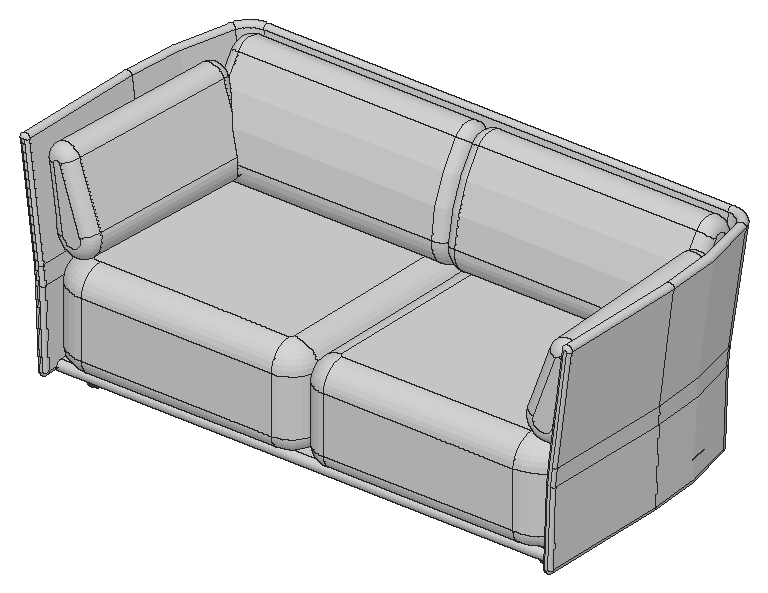
Revit family "NBS_Allermuir_OffcChrs_Obris_2SeatSofa", category Furniture, Revit 2018
Family settings
  Work Plane-Based = No
  Always vertical = Yes
  Cut with Voids When Loaded = No
  Shared = No
  Room Calculation Point = No
Parameters
  WarrantyStartDate [instance] = "1900-12-31T23:59:59"
  WarrantyGuarantorParts = "sales@allermuir.com"
  WarrantyGuarantorLabor = "n/a"
  WarrantyDurationUnit = "year"
  WarrantyDurationParts = "5"
  WarrantyDurationLabor = "n/a"
  WarrantyDescription = "Allermuir warrant that its manufactured products are free from manufacturing defects - in materials or workmanship - for a period of five (5) years. , Allermuir will repair, or replace (at Allermuir's sole discretion) with comparable free of charge materials / components, any product / component which fails under normal use in a single shift environment, as a result of a defect in the materials and/ or workmanship"
  Version = "1"  # constant formula
  Uniclass2015Version = "Products v1.15"
  Uniclass2015Title = "Sofas"
  Uniclass2015Code = "Pr_40_50_12_81"
  TagNumber [instance] = "n/a"
  SustainabilityPerformance = "99% recyclable"
  Style = "Sofa"
  Status = "UNSET"
  Size = "900 x 770 x 1900 mm"
  Shape = "n/a"
  SerialNumber [instance] = "n/a"
  SeatWidth = "1690 mm"
  SeatHeight = "415 mm"
  SeatDepth = "800 mm"
  Revision = "n/a"
  ReplacementCost = "n/a"
  Reference = "n/a"
  ProductInformation = "https://www.allermuir.com/products/sofas/obris"
  NominalWidth = 1900 mm
  NominalLength = 0 mm
  NominalHeight = 770 mm
  NominalDepth = 900 mm
  Name = "DomesticChairs_OBR02_Obris_Allermuir"
  NBSReference = "45-35-20/365"
  NBSDescription = "Domestic Chairs"
  NBSCertification = "www.nationalbimlibrary.com/cert/sfpj1txk"
  ModelReference = "Obris"
  ModelNumber = "OBR02"
  Material = "Fabric, Nylon 6, PU foam, Plywood, Aluminium Casting, Aluminium Extrusion, Steel"
  ManufacturerURL = "www.allermuir.co.uk"
  ManufacturerName = "Allermuir"  # constant formula
  Manufacturer = "sales@allermuir.com"
  MainColor = "n/a"
  IsBuiltIn = no
  InstallationDate [instance] = "1900-12-31T23:59:59"
  IfcExportType = "SOFA"  # constant formula
  IfcExportAs = "IfcFurnitureType"  # constant formula
  Grade = "n/a"
  Finish = "Fabric"
  FeetMaterial = NBS_Allermuir_Beech_Black
  SeatMaterial = NBS_Allermuir_Fabric
  Features = "Tubular Steel back frame with foam overmould and tensioned fabric, Tradtional carcass seat with dual density seat foam, Foam core with feather and down back and arm cushions, Solid Beech feet with a Black colour wash finish, Reversable plastic/felt glides"
  ExpectedLife = "10"
  DurationUnit = "year"
  Description = "Two seat sofa"
  Constituents = "n/a"
  Color = "n/a"
  CodePerformance = "n/a"
  Category = "Pr_40_50_12_81:Sofas"
  BarCode [instance] = "n/a"
  BIMObjectName = "NBS_Allermuir_DomesticChairs_Obris_OBR02"
  Author = "NBS"  # constant formula
  AssetType = "Movable"
  AssetIdentifier [instance] = "n/a"
  ArmHeight = "770 mm"
  AccessibilityPerformance = "n/a"
Reference planes
  plane 1 "Center (Front/Back)": y = 0
  plane 2: z = 0
  plane 3 "Center (Left/Right)": x = 0
  plane 4 "Left": x = -950
  plane 5 "Right": x = 950
  plane 6 "Back": y = 450
  plane 7 "Front": y = -450
  plane 8 "Top": z = 770
  plane 9 "SeatHeight": z = 415
Forms (mm)
  Sweep 1, solid, material "NBS_Allermuir_Fabric" <- "SeatMaterial", detail levels medium+fine
    path origin (0, 0, 0) x (1, 0, 0) y (0, 1, 0)
      loop
        line (-950, -450) -> (-950, 0)
        arc (-950, 0) -> (-935.279, 193.9) -> (-891.455, 383.355) r 1284.379
        arc (-891.455, 383.355) -> (-857.049, 431.547) -> (-800.785, 450) r 95
        line (-800.785, 450) -> (800.785, 450)
        arc (800.785, 450) -> (857.049, 431.547) -> (891.455, 383.355) r 95
        arc (891.455, 383.355) -> (935.279, 193.9) -> (950, 0) r 1284.379
        line (950, 0) -> (950, -450)
    profile origin (0, 450, 0) x (0, 1, 0) y (0, 0, 1)
      loop
        line (-64.058, 57.421) -> (-53.99, 318.134)
        arc (-53.99, 318.134) -> (-52.12, 348.542) -> (-48.865, 378.832) r 667.818
        line (-48.865, 378.832) -> (-0.126, 752.085)
        arc (-0.126, 752.085) -> (-13.058, 768.901) -> (-29.874, 755.969) r 15
        line (-29.874, 755.969) -> (-78.613, 382.716)
        arc (-78.613, 382.716) -> (-82.014, 351.065) -> (-83.967, 319.292) r 697.818
        line (-83.967, 319.292) -> (-94.036, 58.579)
        arc (-94.036, 58.579) -> (-79.626, 43.011) -> (-64.058, 57.421) r 15
  Extrusion 2, solid, material "NBS_Allermuir_Fabric" <- "SeatMaterial", detail levels medium+fine
    sketch origin (0, 0, 0) x (1, 0, 0) y (0, 1, 0)
      loop
        line (-871, -405.887) -> (871, -405.887) -> (871, 0)
        arc (871, 0) -> (857.185, 181.973) -> (816.056, 359.776) r 1205.379
        arc (816.056, 359.776) -> (810.261, 367.892) -> (800.785, 371) r 16
        line (800.785, 371) -> (-800.785, 371)
        arc (-800.785, 371) -> (-810.261, 367.892) -> (-816.056, 359.776) r 16
        arc (-816.056, 359.776) -> (-857.185, 181.973) -> (-871, 0) r 1205.379
        line (-871, 0) -> (-871, -405.887)
    from 43 to 76
  Extrusion 3, void
    sketch origin (0, 0, 0) x (0, 1, 0) y (0, 0, 1)
      loop
        line (-389.387, 76) -> (-406.387, 76) -> (-406.387, 43) -> (-389.387, 43)
        arc (-389.387, 43) -> (-405.887, 59.5) -> (-389.387, 76) r 16.5
    from -950 to 950
  Sweep 4, void
    path in 3D
      loop
        arc (-866.033, -450, 319.292) -> (-867.986, -450, 351.065) -> (-871.387, -450, 382.716) r 697.818
        line (-871.387, -450, 382.716) -> (-920.126, -450, 755.969)
        arc (-920.126, -450, 755.969) -> (-936.942, -450, 768.901) -> (-949.874, -450, 752.085) r 15
        line (-949.874, -450, 752.085) -> (-901.135, -450, 378.832)
        arc (-901.135, -450, 378.832) -> (-897.88, -450, 348.542) -> (-896.01, -450, 318.134) r 667.818
        line (-896.01, -450, 318.134) -> (-885.942, -450, 57.421)
        arc (-885.942, -450, 57.421) -> (-870.374, -450, 43.011) -> (-855.964, -450, 58.579) r 15
        line (-855.964, -450, 58.579) -> (-866.033, -450, 319.292)
    profile origin (-860.998, -450, 188.935) x (-0.999255, 0, -0.038591) y (0, -1, 0)
      loop
        line (10, 0) -> (10, 2.791) -> (-2.73, 2.791) -> (-2.73, -10) -> (0, -10)
        arc (0, -10) -> (2.929, -2.929) -> (10, 0) r 10
  Sweep 5, void
    path in 3D
      loop
        arc (866.033, -450, 319.292) -> (867.986, -450, 351.065) -> (871.387, -450, 382.716) r 697.818
        line (871.387, -450, 382.716) -> (920.126, -450, 755.969)
        arc (920.126, -450, 755.969) -> (936.942, -450, 768.901) -> (949.874, -450, 752.085) r 15
        line (949.874, -450, 752.085) -> (901.135, -450, 378.832)
        arc (901.135, -450, 378.832) -> (897.88, -450, 348.542) -> (896.01, -450, 318.134) r 667.818
        line (896.01, -450, 318.134) -> (885.942, -450, 57.421)
        arc (885.942, -450, 57.421) -> (870.374, -450, 43.011) -> (855.964, -450, 58.579) r 15
        line (855.964, -450, 58.579) -> (866.033, -450, 319.292)
    profile origin (860.998, -450, 188.935) x (-0.999255, 0, 0.038591) y (0, -1, 0)
      loop
        arc (-10, 0) -> (-2.929, -2.929) -> (0, -10) r 10
        line (0, -10) -> (2.73, -10) -> (2.73, 2.791) -> (-10, 2.791) -> (-10, 0)
  Extrusion 6, solid, material "NBS_Allermuir_Fabric" <- "SeatMaterial", detail levels medium+fine
    sketch origin (0, 0, 0) x (1, 0, 0) y (0, 1, 0)
      loop
        line (-874, 0) -> (-874, -305.733)
        arc (-874, -305.733) -> (-835.924, -397.657) -> (-744, -435.733) r 130
        line (-744, -435.733) -> (-90, -435.733)
        arc (-90, -435.733) -> (-26.36, -409.373) -> (0, -345.733) r 90
        line (0, -345.733) -> (0, 284)
        arc (0, 284) -> (-26.36, 347.64) -> (-90, 374) r 90
        line (-90, 374) -> (-716.033, 374)
        arc (-716.033, 374) -> (-796.891, 345.794) -> (-842.661, 273.415) r 130
        arc (-842.661, 273.415) -> (-866.14, 137.602) -> (-874, 0) r 1208.379
    from 76 to 400
  Extrusion 7, solid, material "NBS_Allermuir_Fabric" <- "SeatMaterial", detail levels medium+fine
    sketch origin (-915.642, -388.05, 1200) x (-0.99863, 0.052336, 0) y (0, 0, 1)
      loop
        line (-96.985, -505.525) -> (-171.232, -709.517)
        arc (-171.232, -709.517) -> (-121.252, -803.939) -> (-32.351, -744.693) r 72
        line (-32.351, -744.693) -> (-0.54, -529.953)
        arc (-0.54, -529.953) -> (-37.723, -474.157) -> (-96.985, -505.525) r 50
    from 0 to 662.776
  Sweep 8, void
    path in 3D
      loop
        arc (-883.336, -389.743, 455.307) -> (-794.557, -394.396, 396.061) -> (-744.645, -397.012, 490.483) r 72
        line (-744.645, -397.012, 490.483) -> (-818.791, -393.126, 694.475)
        arc (-818.791, -393.126, 694.475) -> (-877.971, -390.024, 725.843) -> (-915.103, -388.078, 670.047) r 50
        line (-915.103, -388.078, 670.047) -> (-883.336, -389.743, 455.307)
    profile origin (-899.219, -388.911, 562.677) x (0.987849, -0.051771, 0.146539) y (-0.052336, -0.99863, 0)
      loop
        line (0, 0) -> (0, -40)
        arc (0, -40) -> (11.716, -11.716) -> (40, 0) r 40
        line (40, 0) -> (0, 0)
  Sweep 9, void
    path in 3D
      loop
        arc (-880.416, 273.79, 670.047) -> (-843.284, 271.843, 725.843) -> (-784.104, 268.742, 694.475) r 50
        line (-784.104, 268.742, 694.475) -> (-709.958, 264.856, 490.483)
        arc (-709.958, 264.856, 490.483) -> (-759.869, 267.472, 396.061) -> (-848.649, 272.125, 455.307) r 72
        line (-848.649, 272.125, 455.307) -> (-880.416, 273.79, 670.047)
    profile origin (-864.532, 272.957, 562.677) x (0.987849, -0.051771, 0.146539) y (0.052336, 0.99863, 0)
      loop
        line (0, 0) -> (0, -40)
        arc (0, -40) -> (11.716, -11.716) -> (40, 0) r 40
        line (40, 0) -> (0, 0)
  Extrusion 10, solid, material "NBS_Allermuir_Fabric" <- "SeatMaterial", detail levels medium+fine
    sketch origin (915.642, -388.05, 1200) x (0.99863, 0.052336, 0) y (0, 0, -1)
      loop
        arc (-96.985, 505.525) -> (-37.723, 474.157) -> (-0.54, 529.953) r 50
        line (-0.54, 529.953) -> (-32.351, 744.693)
        arc (-32.351, 744.693) -> (-121.252, 803.939) -> (-171.232, 709.517) r 72
        line (-171.232, 709.517) -> (-96.985, 505.525)
    from 0 to 662.776
  Extrusion 11, solid, material "NBS_Allermuir_Fabric" <- "SeatMaterial", detail levels medium+fine
    sketch origin (0, 0, 0) x (0, 1, 0) y (0, 0, 1)
      loop
        line (380.558, 452.952) -> (412.747, 699.456)
        arc (412.747, 699.456) -> (373.332, 767.857) -> (296.984, 747.776) r 65
        arc (296.984, 747.776) -> (223.693, 617.632) -> (191.581, 471.762) r 506.094
        arc (191.581, 471.762) -> (276.949, 370.72) -> (380.558, 452.952) r 95
    from 0 to 830
  Sweep 12, void
    path in 3D
      loop
        arc (830, 412.747, 699.456) -> (830, 373.332, 767.857) -> (830, 296.984, 747.776) r 65
        arc (830, 296.984, 747.776) -> (830, 223.693, 617.632) -> (830, 191.581, 471.762) r 506.094
        arc (830, 191.581, 471.762) -> (830, 276.949, 370.72) -> (830, 380.558, 452.952) r 95
        line (830, 380.558, 452.952) -> (830, 412.747, 699.456)
    profile origin (830, 396.653, 576.204) x (0, -0.991582, 0.12948) y (1, 0, 0)
      loop
        line (0, 0) -> (0, -40)
        arc (0, -40) -> (11.716, -11.716) -> (40, 0) r 40
        line (40, 0) -> (0, 0)
  Sweep 13, void
    path in 3D
      loop
        arc (0, 412.747, 699.456) -> (0, 373.332, 767.857) -> (0, 296.984, 747.776) r 65
        arc (0, 296.984, 747.776) -> (0, 223.693, 617.632) -> (0, 191.581, 471.762) r 506.094
        arc (0, 191.581, 471.762) -> (0, 276.949, 370.72) -> (0, 380.558, 452.952) r 95
        line (0, 380.558, 452.952) -> (0, 412.747, 699.456)
    profile origin (0, 396.653, 576.204) x (0, 0.991582, -0.12948) y (-1, 0, 0)
      loop
        line (0, 0) -> (-40, 0)
        arc (-40, 0) -> (-11.716, -11.716) -> (0, -40) r 40
        line (0, -40) -> (0, 0)
  Extrusion 14, solid, material "NBS_Allermuir_Beech_Black" <- "FeetMaterial", detail levels medium+fine
    sketch origin (0, 0, 0) x (1, 0, 0) y (0, 1, 0)
      loop
        circle (-780.124, -320.257) r 28.313
      loop
        circle (780.124, -320.257) r 28.313
      loop
        circle (-780.124, 285.257) r 28.313
      loop
        circle (780.124, 285.257) r 28.313
    from 0 to 43
  Extrusion 15, solid, material "NBS_Allermuir_Fabric" <- "SeatMaterial", detail levels coarse
    sketch origin (0, 0, 0) x (1, 0, 0) y (0, 1, 0)
      loop
        line (-950, 450) -> (-950, -450) -> (950, -450) -> (950, 450) -> (-950, 450)
    from 0 to 770
  Extrusion 16, void
    sketch origin (0, 0, 0) x (1, 0, 0) y (0, 1, 0)
      loop
        line (-750, 220) -> (-750, -450) -> (750, -450) -> (750, 220) -> (-750, 220)
    from 415 to 770
  Sweep 17, void
    path in 3D
      loop
        arc (880.416, 273.79, 670.047) -> (843.284, 271.843, 725.843) -> (784.104, 268.742, 694.475) r 50
        line (784.104, 268.742, 694.475) -> (709.958, 264.856, 490.483)
        arc (709.958, 264.856, 490.483) -> (759.869, 267.472, 396.061) -> (848.649, 272.125, 455.307) r 72
        line (848.649, 272.125, 455.307) -> (880.416, 273.79, 670.047)
    profile origin (864.532, 272.957, 562.677) x (0.987849, 0.051771, -0.146539) y (-0.052336, 0.99863, 0)
      loop
        line (0, 0) -> (-40, 0)
        arc (-40, 0) -> (-11.716, -11.716) -> (0, -40) r 40
        line (0, -40) -> (0, 0)
  Sweep 18, void
    path in 3D
      loop
        arc (883.336, -389.743, 455.307) -> (794.557, -394.396, 396.061) -> (744.645, -397.012, 490.483) r 72
        line (744.645, -397.012, 490.483) -> (818.791, -393.126, 694.475)
        arc (818.791, -393.126, 694.475) -> (877.971, -390.024, 725.843) -> (915.103, -388.078, 670.047) r 50
        line (915.103, -388.078, 670.047) -> (883.336, -389.743, 455.307)
    profile origin (899.219, -388.911, 562.677) x (0.987849, 0.051771, -0.146539) y (0.052336, -0.99863, 0)
      loop
        line (0, 0) -> (-40, 0)
        arc (-40, 0) -> (-11.716, -11.716) -> (0, -40) r 40
        line (0, -40) -> (0, 0)
  Extrusion 19, solid, material "NBS_Allermuir_Fabric" <- "SeatMaterial", detail levels medium+fine
    sketch origin (0, 0, 0) x (-1, 0, 0) y (0, -1, 0)
      loop
        arc (-874, 0) -> (-866.14, -137.602) -> (-842.661, -273.415) r 1208.379
        arc (-842.661, -273.415) -> (-796.891, -345.794) -> (-716.033, -374) r 130
        line (-716.033, -374) -> (-90, -374)
        arc (-90, -374) -> (-26.36, -347.64) -> (0, -284) r 90
        line (0, -284) -> (0, 345.733)
        arc (0, 345.733) -> (-26.36, 409.373) -> (-90, 435.733) r 90
        line (-90, 435.733) -> (-744, 435.733)
        arc (-744, 435.733) -> (-835.924, 397.657) -> (-874, 305.733) r 130
        line (-874, 305.733) -> (-874, 0)
    from 76 to 400
  Extrusion 20, solid, material "NBS_Allermuir_Fabric" <- "SeatMaterial", detail levels medium+fine
    sketch origin (0, 0, 0) x (0, 1, 0) y (0, 0, -1)
      loop
        arc (380.558, -452.952) -> (276.949, -370.72) -> (191.581, -471.762) r 95
        arc (191.581, -471.762) -> (223.693, -617.632) -> (296.984, -747.776) r 506.094
        arc (296.984, -747.776) -> (373.332, -767.857) -> (412.747, -699.456) r 65
        line (412.747, -699.456) -> (380.558, -452.952)
    from 0 to 830
  Sweep 21, void
    path in 3D
      loop
        arc (0, 412.747, 699.456) -> (0, 373.332, 767.857) -> (0, 296.984, 747.776) r 65
        arc (0, 296.984, 747.776) -> (0, 223.693, 617.632) -> (0, 191.581, 471.762) r 506.094
        arc (0, 191.581, 471.762) -> (0, 276.949, 370.72) -> (0, 380.558, 452.952) r 95
        line (0, 380.558, 452.952) -> (0, 412.747, 699.456)
    profile origin (0, 396.653, 576.204) x (0, -0.991582, 0.12948) y (1, 0, 0)
      loop
        line (0, 0) -> (0, -40)
        arc (0, -40) -> (11.716, -11.716) -> (40, 0) r 40
        line (40, 0) -> (0, 0)
  Sweep 22, void
    path in 3D
      loop
        arc (-830, 412.747, 699.456) -> (-830, 373.332, 767.857) -> (-830, 296.984, 747.776) r 65
        arc (-830, 296.984, 747.776) -> (-830, 223.693, 617.632) -> (-830, 191.581, 471.762) r 506.094
        arc (-830, 191.581, 471.762) -> (-830, 276.949, 370.72) -> (-830, 380.558, 452.952) r 95
        line (-830, 380.558, 452.952) -> (-830, 412.747, 699.456)
    profile origin (-830, 396.653, 576.204) x (0, 0.991582, -0.12948) y (-1, 0, 0)
      loop
        line (0, 0) -> (-40, 0)
        arc (-40, 0) -> (-11.716, -11.716) -> (0, -40) r 40
        line (0, -40) -> (0, 0)
  Sweep 23, void
    path in 3D
      loop
        arc (-90, -435.733, 400) -> (-26.36, -409.373, 400) -> (0, -345.733, 400) r 90
        line (0, -345.733, 400) -> (0, 284, 400)
        arc (0, 284, 400) -> (-26.36, 347.64, 400) -> (-90, 374, 400) r 90
        line (-90, 374, 400) -> (-716.033, 374, 400)
        arc (-716.033, 374, 400) -> (-796.891, 345.794, 400) -> (-842.661, 273.415, 400) r 130
        arc (-842.661, 273.415, 400) -> (-866.14, 137.602, 400) -> (-874, 0, 400) r 1208.379
        line (-874, 0, 400) -> (-874, -305.733, 400)
        arc (-874, -305.733, 400) -> (-835.924, -397.657, 400) -> (-744, -435.733, 400) r 130
        line (-744, -435.733, 400) -> (-90, -435.733, 400)
    profile origin (-417, -435.733, 400) x (0, 1, 0) y (0, 0, 1)
      loop
        line (0, 0) -> (0, -80)
        arc (0, -80) -> (23.431, -23.431) -> (80, 0) r 80
        line (80, 0) -> (0, 0)
      loop
        line (0, -324) -> (50, -324)
        arc (50, -324) -> (14.645, -309.355) -> (0, -274) r 50
        line (0, -274) -> (0, -324)
  Sweep 24, void
    path in 3D
      loop
        arc (90, -435.733, 400) -> (26.36, -409.373, 400) -> (0, -345.733, 400) r 90
        line (0, -345.733, 400) -> (0, 284, 400)
        arc (0, 284, 400) -> (26.36, 347.64, 400) -> (90, 374, 400) r 90
        line (90, 374, 400) -> (716.033, 374, 400)
        arc (716.033, 374, 400) -> (796.891, 345.794, 400) -> (842.661, 273.415, 400) r 130
        arc (842.661, 273.415, 400) -> (866.14, 137.602, 400) -> (874, 0, 400) r 1208.379
        line (874, 0, 400) -> (874, -305.733, 400)
        arc (874, -305.733, 400) -> (835.924, -397.657, 400) -> (744, -435.733, 400) r 130
        line (744, -435.733, 400) -> (90, -435.733, 400)
    profile origin (417, -435.733, 400) x (0, -1, 0) y (0, 0, 1)
      loop
        line (0, 0) -> (-80, 0)
        arc (-80, 0) -> (-23.431, -23.431) -> (0, -80) r 80
        line (0, -80) -> (0, 0)
      loop
        line (0, -324) -> (0, -274)
        arc (0, -274) -> (-14.645, -309.355) -> (-50, -324) r 50
        line (-50, -324) -> (0, -324)
Cuts and joins
  Extrusion 3 cuts Extrusion 2
  Sweep 4, Sweep 5 cuts Sweep 1
  Sweep 8, Sweep 9, Sweep 17, Sweep 18 cuts Extrusion 7
  Sweep 12, Sweep 13 cuts Extrusion 11
  Extrusion 16 cuts Extrusion 15
  Sweep 17, Sweep 18, Sweep 22 cuts Extrusion 10
  Sweep 22, Sweep 24 cuts Extrusion 19
  Sweep 21, Sweep 22 cuts Extrusion 20
  Sweep 23 cuts Extrusion 6
Lines and regions (mm)
  sketch lines
    curve 1: line (-855.964, -450, 58.579) -> (-866.033, -450, 319.292)
    curve 2: arc (-871.387, -450, 382.716) -> (-867.986, -450, 351.065) -> (-866.033, -450, 319.292) r 697.818
    curve 3: line (-871.387, -450, 382.716) -> (-920.126, -450, 755.969)
    curve 4: line (-896.01, -450, 318.134) -> (-885.942, -450, 57.421)
    curve 5: arc (-855.964, -450, 58.579) -> (-870.374, -450, 43.011) -> (-885.942, -450, 57.421) r 15
    curve 6: arc (-896.01, -450, 318.134) -> (-897.88, -450, 348.542) -> (-901.135, -450, 378.832) r 667.818
    curve 7: line (-949.874, -450, 752.085) -> (-901.135, -450, 378.832)
    curve 8: arc (-949.874, -450, 752.085) -> (-936.942, -450, 768.901) -> (-920.126, -450, 755.969) r 15
    curve 9: line (855.964, -450, 58.579) -> (866.033, -450, 319.292)
    curve 10: arc (871.387, -450, 382.716) -> (867.986, -450, 351.065) -> (866.033, -450, 319.292) r 697.818
    curve 11: line (871.387, -450, 382.716) -> (920.126, -450, 755.969)
    curve 12: line (896.01, -450, 318.134) -> (885.942, -450, 57.421)
    curve 13: arc (855.964, -450, 58.579) -> (870.374, -450, 43.011) -> (885.942, -450, 57.421) r 15
    curve 14: arc (896.01, -450, 318.134) -> (897.88, -450, 348.542) -> (901.135, -450, 378.832) r 667.818
    curve 15: line (949.874, -450, 752.085) -> (901.135, -450, 378.832)
    curve 16: arc (949.874, -450, 752.085) -> (936.942, -450, 768.901) -> (920.126, -450, 755.969) r 15
    curve 17: line (-915.103, -388.078, 670.047) -> (-883.336, -389.743, 455.307)
    curve 18: arc (-915.103, -388.078, 670.047) -> (-877.971, -390.024, 725.843) -> (-818.791, -393.126, 694.475) r 50
    curve 19: line (-744.645, -397.012, 490.483) -> (-818.791, -393.126, 694.475)
    curve 20: arc (-744.645, -397.012, 490.483) -> (-794.557, -394.396, 396.061) -> (-883.336, -389.743, 455.307) r 72
    curve 21: line (-848.649, 272.125, 455.307) -> (-880.416, 273.79, 670.047)
    curve 22: arc (-784.104, 268.742, 694.475) -> (-843.284, 271.843, 725.843) -> (-880.416, 273.79, 670.047) r 50
    curve 23: line (-784.104, 268.742, 694.475) -> (-709.958, 264.856, 490.483)
    curve 24: arc (-848.649, 272.125, 455.307) -> (-759.869, 267.472, 396.061) -> (-709.958, 264.856, 490.483) r 72
    curve 25: line (830, 380.558, 452.952) -> (830, 412.747, 699.456)
    curve 26: arc (830, 296.984, 747.776) -> (830, 373.332, 767.857) -> (830, 412.747, 699.456) r 65
    curve 27: arc (830, 191.581, 471.762) -> (830, 223.693, 617.632) -> (830, 296.984, 747.776) r 506.094
    curve 28: arc (830, 380.558, 452.952) -> (830, 276.949, 370.72) -> (830, 191.581, 471.762) r 95
    curve 29: line (0, 380.558, 452.952) -> (0, 412.747, 699.456)
    curve 30: arc (0, 296.984, 747.776) -> (0, 373.332, 767.857) -> (0, 412.747, 699.456) r 65
    curve 31: arc (0, 191.581, 471.762) -> (0, 223.693, 617.632) -> (0, 296.984, 747.776) r 506.094
    curve 32: arc (0, 380.558, 452.952) -> (0, 276.949, 370.72) -> (0, 191.581, 471.762) r 95
    curve 33: line (848.649, 272.125, 455.307) -> (880.416, 273.79, 670.047)
    curve 34: arc (784.104, 268.742, 694.475) -> (843.284, 271.843, 725.843) -> (880.416, 273.79, 670.047) r 50
    curve 35: line (784.104, 268.742, 694.475) -> (709.958, 264.856, 490.483)
    curve 36: arc (848.649, 272.125, 455.307) -> (759.869, 267.472, 396.061) -> (709.958, 264.856, 490.483) r 72
    curve 37: line (915.103, -388.078, 670.047) -> (883.336, -389.743, 455.307)
    curve 38: arc (915.103, -388.078, 670.047) -> (877.971, -390.024, 725.843) -> (818.791, -393.126, 694.475) r 50
    curve 39: line (744.645, -397.012, 490.483) -> (818.791, -393.126, 694.475)
    curve 40: arc (744.645, -397.012, 490.483) -> (794.557, -394.396, 396.061) -> (883.336, -389.743, 455.307) r 72
    curve 41: line (0, 380.558, 452.952) -> (0, 412.747, 699.456)
    curve 42: arc (0, 296.984, 747.776) -> (0, 373.332, 767.857) -> (0, 412.747, 699.456) r 65
    curve 43: arc (0, 191.581, 471.762) -> (0, 223.693, 617.632) -> (0, 296.984, 747.776) r 506.094
    curve 44: arc (0, 380.558, 452.952) -> (0, 276.949, 370.72) -> (0, 191.581, 471.762) r 95
    curve 45: line (-830, 380.558, 452.952) -> (-830, 412.747, 699.456)
    curve 46: arc (-830, 296.984, 747.776) -> (-830, 373.332, 767.857) -> (-830, 412.747, 699.456) r 65
    curve 47: arc (-830, 191.581, 471.762) -> (-830, 223.693, 617.632) -> (-830, 296.984, 747.776) r 506.094
    curve 48: arc (-830, 380.558, 452.952) -> (-830, 276.949, 370.72) -> (-830, 191.581, 471.762) r 95
    curve 49: line (-744, -435.733, 400) -> (-90, -435.733, 400)
    curve 50: arc (0, -345.733, 400) -> (-26.36, -409.373, 400) -> (-90, -435.733, 400) r 90
    curve 51: line (0, -345.733, 400) -> (0, 284, 400)
    curve 52: arc (-90, 374, 400) -> (-26.36, 347.64, 400) -> (0, 284, 400) r 90
    curve 53: line (-90, 374, 400) -> (-716.033, 374, 400)
    curve 54: arc (-842.661, 273.415, 400) -> (-796.891, 345.794, 400) -> (-716.033, 374, 400) r 130
    curve 55: arc (-874, 0, 400) -> (-866.14, 137.602, 400) -> (-842.661, 273.415, 400) r 1208.379
    curve 56: line (-874, 0, 400) -> (-874, -305.733, 400)
    curve 57: arc (-744, -435.733, 400) -> (-835.924, -397.657, 400) -> (-874, -305.733, 400) r 130
    curve 58: line (744, -435.733, 400) -> (90, -435.733, 400)
    curve 59: arc (0, -345.733, 400) -> (26.36, -409.373, 400) -> (90, -435.733, 400) r 90
    curve 60: line (0, -345.733, 400) -> (0, 284, 400)
    curve 61: arc (90, 374, 400) -> (26.36, 347.64, 400) -> (0, 284, 400) r 90
    curve 62: line (90, 374, 400) -> (716.033, 374, 400)
    curve 63: arc (842.661, 273.415, 400) -> (796.891, 345.794, 400) -> (716.033, 374, 400) r 130
    curve 64: arc (874, 0, 400) -> (866.14, 137.602, 400) -> (842.661, 273.415, 400) r 1208.379
    curve 65: line (874, 0, 400) -> (874, -305.733, 400)
    curve 66: arc (744, -435.733, 400) -> (835.924, -397.657, 400) -> (874, -305.733, 400) r 130
Dimensions and locks
  aligned and locked: level to plane 2
  aligned and locked: Extrusion 3 to plane 5 "Right"
  aligned and locked: Extrusion 3 to plane 4 "Left"
  aligned and locked: Sweep 1 sketch curve to plane 6 "Back"
  aligned and locked: Extrusion 15 sketch curve to plane 6 "Back"
  aligned and locked: Extrusion 15 sketch curve to plane 4 "Left"
  aligned and locked: plane 5 "Right" to Extrusion 15 sketch curve
  aligned and locked: plane 7 "Front" to Extrusion 15 sketch curve
  aligned and locked: plane 8 "Top" to Extrusion 15
  aligned and locked: plane 7 "Front" to Extrusion 16 sketch curve
  aligned and locked: Extrusion 16 to Extrusion 15
  aligned and locked: Extrusion 16 to plane 9 "SeatHeight"
  aligned and locked: profile plane to Sweep 23 sketch curve  (x2)
  aligned and locked: profile plane to Sweep 24 sketch curve  (x2)
Automatic sketch dimensions
  Sweep 1 sketch curve to plane 4 "Left" = 0 mm
  plane 1 "Center (Front/Back)" to Sweep 1 sketch curve = 0 mm  (x2)
  Sweep 1 sketch curve to plane 5 "Right" = 0 mm
  plane 7 "Front" to Sweep 1 sketch curve = 0 mm  (x2)
  plane 4 "Left" to Sweep 1 sketch curve = 149.215 mm
  Sweep 1 sketch curve to plane 3 "Center (Left/Right)" = 334.379 mm
  plane 3 "Center (Left/Right)" to Sweep 1 sketch curve = 334.379 mm
  plane 5 "Right" to Sweep 1 sketch curve = 149.215 mm
  Sweep 1 sketch curve to plane 6 "Back" = 95 mm
  Sweep 1 sketch curve to Sweep 1 sketch curve = 95 mm
  Sweep 1 sketch curve to Sweep 1 sketch curve = 0 mm  (x2)
  profile plane to Sweep 1 sketch curve = 94.036 mm
  profile plane to Sweep 1 sketch curve = 83.967 mm
  Sweep 1 sketch curve to Sweep 1 sketch curve = 14.989 mm  (x2)
  Sweep 1 sketch curve to Sweep 1 sketch curve = 5.354 mm
  level to Sweep 1 sketch curve = 57.421 mm
  Sweep 1 sketch curve to Sweep 1 sketch curve = 29.978 mm
  Sweep 1 sketch curve to Sweep 1 sketch curve = 29.747 mm
  profile plane to Sweep 1 sketch curve = 29.874 mm
  Sweep 1 sketch curve to Sweep 1 sketch curve = 14.874 mm
  profile plane to Sweep 1 sketch curve = 0.126 mm
  level to Sweep 1 sketch curve = 292.363 mm
  Sweep 1 sketch curve to profile plane = 613.331 mm
  Sweep 1 sketch curve to Sweep 1 sketch curve = 0.579 mm
  Sweep 1 sketch curve to Sweep 1 sketch curve = 260.713 mm
  Sweep 1 sketch curve to Sweep 1 sketch curve = 1.158 mm
  Sweep 1 sketch curve to Sweep 1 sketch curve = 373.253 mm
  Sweep 1 sketch curve to Sweep 1 sketch curve = 1.942 mm
  plane 1 "Center (Front/Back)" to Extrusion 2 sketch curve = 0 mm  (x2)
  plane 4 "Left" to Extrusion 2 sketch curve = 79 mm
  Extrusion 2 sketch curve to plane 6 "Back" = 95 mm
  plane 4 "Left" to Extrusion 2 sketch curve = 149.215 mm
  Extrusion 2 sketch curve to plane 3 "Center (Left/Right)" = 334.379 mm
  plane 3 "Center (Left/Right)" to Extrusion 2 sketch curve = 334.379 mm
  Extrusion 2 sketch curve to plane 6 "Back" = 79 mm
  plane 5 "Right" to Extrusion 2 sketch curve = 149.215 mm
  plane 5 "Right" to Extrusion 2 sketch curve = 79 mm
  Extrusion 2 sketch curve to plane 7 "Front" = 44.113 mm
  Extrusion 2 sketch curve to Extrusion 2 sketch curve = 16 mm
  Extrusion 3 sketch curve to plane 7 "Front" = 43.613 mm
  Extrusion 3 sketch curve to Extrusion 3 sketch curve = 17 mm
  level to Extrusion 3 sketch curve = 43 mm
  Extrusion 3 sketch curve to Extrusion 3 sketch curve = 16.5 mm
  Extrusion 3 sketch curve to Extrusion 3 sketch curve = 0 mm  (x3)
  Sweep 4 sketch curve to profile plane = 0 mm
  profile plane to Sweep 4 sketch curve = 0 mm
  Sweep 4 sketch curve to Sweep 4 sketch curve = 2.73 mm
  Sweep 4 sketch curve to profile plane = 10 mm
  Sweep 4 sketch curve to Sweep 4 sketch curve = 2.791 mm
  profile plane to Sweep 5 sketch curve = 0 mm
  Sweep 5 sketch curve to profile plane = 0 mm
  profile plane to Sweep 5 sketch curve = 2.791 mm
  profile plane to Sweep 5 sketch curve = 10 mm
  Sweep 5 sketch curve to profile plane = 2.73 mm
  plane 1 "Center (Front/Back)" to Extrusion 6 sketch curve = 0 mm
  Extrusion 6 sketch curve to plane 3 "Center (Left/Right)" = 0 mm
  Extrusion 6 sketch curve to plane 7 "Front" = 14.267 mm
  Extrusion 6 sketch curve to plane 3 "Center (Left/Right)" = 90 mm
  Extrusion 6 sketch curve to Extrusion 6 sketch curve = 90 mm
  Extrusion 6 sketch curve to plane 6 "Back" = 76 mm
  plane 4 "Left" to Extrusion 6 sketch curve = 233.967 mm
  plane 4 "Left" to Extrusion 6 sketch curve = 206 mm
  plane 4 "Left" to Extrusion 6 sketch curve = 76 mm
  plane 3 "Center (Left/Right)" to Extrusion 6 sketch curve = 334.379 mm
  Extrusion 6 sketch curve to Extrusion 6 sketch curve = 130 mm
  plane 9 "SeatHeight" to Extrusion 7 sketch curve = 75.483 mm
  Extrusion 7 sketch curve to Extrusion 7 sketch curve = 67.658 mm
  Extrusion 7 sketch curve to plane 8 "Top" = 75.525 mm
  Extrusion 7 sketch curve to Extrusion 7 sketch curve = 74.247 mm
  Extrusion 7 sketch curve to Extrusion 7 sketch curve = 46.985 mm
  profile plane to Sweep 8 sketch curve = 0 mm  (x2)
  Sweep 8 sketch curve to profile plane = 0 mm  (x2)
  Sweep 8 sketch curve to Sweep 8 sketch curve = 40 mm
  Sweep 8 sketch curve to Sweep 8 sketch curve = 0 mm  (x2)
  Sweep 9 sketch curve to profile plane = 0 mm  (x4)
  Sweep 9 sketch curve to Sweep 9 sketch curve = 40 mm
  Sweep 9 sketch curve to Sweep 9 sketch curve = 0 mm  (x2)
  plane 9 "SeatHeight" to Extrusion 10 sketch curve = 75.483 mm
  Extrusion 10 sketch curve to Extrusion 10 sketch curve = 67.658 mm
  Extrusion 10 sketch curve to plane 8 "Top" = 75.525 mm
  Extrusion 10 sketch curve to Extrusion 10 sketch curve = 74.247 mm
  Extrusion 10 sketch curve to Extrusion 10 sketch curve = 46.985 mm
  plane 9 "SeatHeight" to Extrusion 11 sketch curve = 50.253 mm
  Extrusion 11 sketch curve to plane 6 "Back" = 163.642 mm
  Extrusion 11 sketch curve to plane 6 "Back" = 101.706 mm
  Extrusion 11 sketch curve to plane 6 "Back" = 69.442 mm
  Extrusion 11 sketch curve to plane 6 "Back" = 37.253 mm
  plane 9 "SeatHeight" to Extrusion 11 sketch curve = 22.084 mm
  plane 6 "Back" to Extrusion 11 sketch curve = 246.486 mm
  plane 9 "SeatHeight" to Extrusion 11 sketch curve = 37.952 mm
  Extrusion 11 sketch curve to plane 8 "Top" = 70.544 mm
  Extrusion 11 sketch curve to Extrusion 11 sketch curve = 0 mm
  Sweep 12 sketch curve to profile plane = 0 mm  (x4)
  Sweep 12 sketch curve to Sweep 12 sketch curve = 40 mm
  Sweep 12 sketch curve to Sweep 12 sketch curve = 0 mm  (x2)
  Sweep 13 sketch curve to profile plane = 0 mm  (x2)
  profile plane to Sweep 13 sketch curve = 0 mm  (x2)
  profile plane to Sweep 13 sketch curve = 40 mm
  Sweep 13 sketch curve to Sweep 13 sketch curve = 0 mm  (x2)
  plane 4 "Left" to Extrusion 14 sketch curve = 169.876 mm  (x2)
  plane 5 "Right" to Extrusion 14 sketch curve = 169.876 mm  (x2)
  Extrusion 14 sketch curve to plane 7 "Front" = 129.743 mm  (x2)
  Extrusion 14 sketch curve to plane 6 "Back" = 164.743 mm  (x2)
  plane 4 "Left" to Extrusion 16 sketch curve = 200 mm
  plane 5 "Right" to Extrusion 16 sketch curve = 200 mm
  Extrusion 16 sketch curve to plane 1 "Center (Front/Back)" = 220 mm
  Sweep 17 sketch curve to profile plane = 0 mm  (x2)
  profile plane to Sweep 17 sketch curve = 0 mm  (x2)
  Sweep 17 sketch curve to Sweep 17 sketch curve = 40 mm
  Sweep 17 sketch curve to Sweep 17 sketch curve = 0 mm  (x2)
  Sweep 18 sketch curve to profile plane = 0 mm  (x4)
  Sweep 18 sketch curve to Sweep 18 sketch curve = 40 mm
  Sweep 18 sketch curve to Sweep 18 sketch curve = 0 mm  (x2)
  plane 1 "Center (Front/Back)" to Extrusion 19 sketch curve = 0 mm
  Extrusion 19 sketch curve to plane 3 "Center (Left/Right)" = 0 mm
  plane 7 "Front" to Extrusion 19 sketch curve = 14.267 mm
  Extrusion 19 sketch curve to plane 3 "Center (Left/Right)" = 90 mm
  Extrusion 19 sketch curve to Extrusion 19 sketch curve = 90 mm
  plane 6 "Back" to Extrusion 19 sketch curve = 76 mm
  Extrusion 19 sketch curve to plane 5 "Right" = 233.967 mm
  Extrusion 19 sketch curve to plane 5 "Right" = 206 mm
  Extrusion 19 sketch curve to plane 5 "Right" = 76 mm
  plane 3 "Center (Left/Right)" to Extrusion 19 sketch curve = 334.379 mm
  Extrusion 19 sketch curve to Extrusion 19 sketch curve = 130 mm
  plane 9 "SeatHeight" to Extrusion 20 sketch curve = 50.253 mm
  Extrusion 20 sketch curve to plane 6 "Back" = 163.642 mm
  Extrusion 20 sketch curve to plane 6 "Back" = 101.706 mm
  Extrusion 20 sketch curve to plane 6 "Back" = 69.442 mm
  Extrusion 20 sketch curve to plane 6 "Back" = 37.253 mm
  plane 9 "SeatHeight" to Extrusion 20 sketch curve = 22.084 mm
  plane 6 "Back" to Extrusion 20 sketch curve = 246.486 mm
  Extrusion 20 sketch curve to plane 8 "Top" = 70.544 mm
  Extrusion 20 sketch curve to Extrusion 20 sketch curve = 8.416 mm
  Extrusion 20 sketch curve to Extrusion 20 sketch curve = 0 mm
  Sweep 21 sketch curve to profile plane = 0 mm  (x4)
  Sweep 21 sketch curve to profile plane = 40 mm
  Sweep 21 sketch curve to Sweep 21 sketch curve = 0 mm  (x2)
  Sweep 22 sketch curve to profile plane = 0 mm  (x2)
  profile plane to Sweep 22 sketch curve = 0 mm  (x2)
  Sweep 22 sketch curve to Sweep 22 sketch curve = 40 mm
  Sweep 22 sketch curve to Sweep 22 sketch curve = 0 mm  (x2)
  Sweep 23 sketch curve to profile plane = 0 mm  (x4)
  Sweep 23 sketch curve to profile plane = 50 mm
  Sweep 23 sketch curve to Sweep 23 sketch curve = 80 mm
  Sweep 23 sketch curve to Sweep 23 sketch curve = 194 mm
  Sweep 23 sketch curve to Sweep 23 sketch curve = 50 mm
  Sweep 23 sketch curve to Sweep 23 sketch curve = 0 mm  (x4)
  Sweep 24 sketch curve to profile plane = 0 mm  (x4)
  profile plane to Sweep 24 sketch curve = 50 mm
  Sweep 24 sketch curve to Sweep 24 sketch curve = 80 mm
  Sweep 24 sketch curve to Sweep 24 sketch curve = 194 mm
  Sweep 24 sketch curve to Sweep 24 sketch curve = 0 mm  (x5)
  radius of Extrusion 14 sketch curve = 28.313 mm  (x4)
